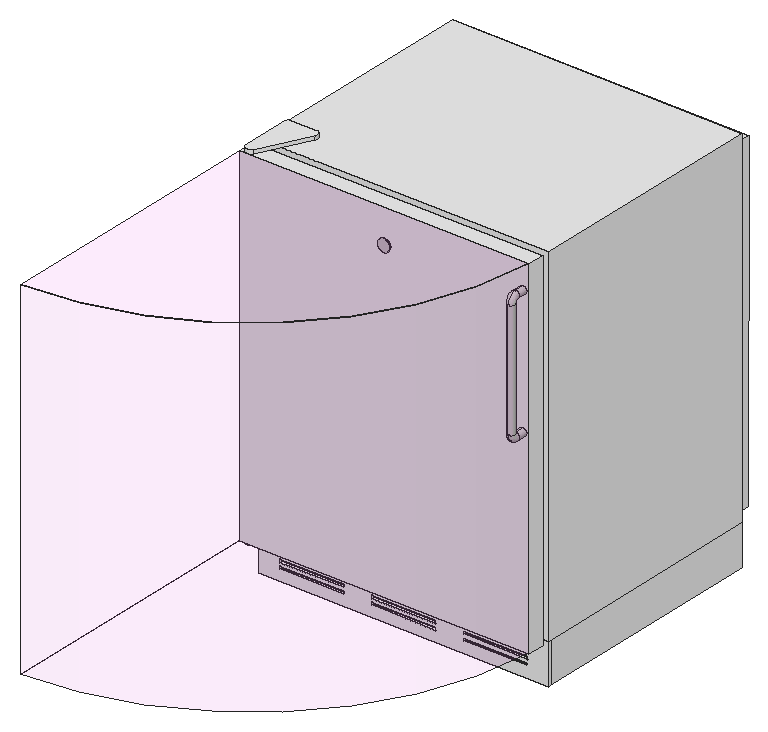
Revit family "QF_Summit_FF6LWADA_Refrigerator", category Specialty Equipment, Revit 2020
Family settings
  Round Connector Dimension = Use Diameter
  Part Type = Normal
  Work Plane-Based = No
  Always vertical = Yes
  Cut with Voids When Loaded = No
  Shared = No
  Room Calculation Point = No
Parameters
  Weight in Pounds = 100
  Watts = Volts * FL Amps  # 103.5 W
  Volts = 115 V
  URL Cutsheet = ""
  Specification by User = ""
  Specification by Manufacturer = ""
  Show LHD [instance] = yes
  Right Hinged Door [instance] = not(Show LHD)  # no
  Serial Number = ""
  Seismic Rating = ""
  SMACNA No = ""
  Revision Code = ""
  Refrigerant Volume = 0.00 kip
  Refrigerant Type = "R600a"
  Phase = 1
  Number of Poles = 1
  NAFEM Spec ID Number = ""
  Model = "FF6LWADA"
  Min Ckt Ampacity = 0 A
  Max Overcurrent Protection = 0 A
  Masterspec = ""
  Manufacturer = "Summit"
  Length = 23 5/8"
  Item Number = ""
  Installed By = ""
  Identify Quantity as Lot = yes
  Height = 32 1/4"
  HP = ""
  Furnished By = ""
  Foodservice Equipment Identifier = yes
  FL Amps = 0.9 A
  Electrical Remarks = ""
  Electric Connection Type = ""
  Elec Conn RI Height = 0"
  Elec Conn Connection Height = 0"
  Description = "Refrigerator"
  Depth = 23"
  Default Elevation = 0"
  Cycle = 60 Hz
  Conn Plug = ""
  Conn Conduit = yes
  CSI MasterFormat = ""
  BTUH = 0.0 Btu/h
  Apparent Power = if(Phase = 3, Volts * FL Amps * 1.73, Volts * FL Amps)  # 103.5 VA
Reference planes (in)
  plane 1 "BACK": y = 0
  plane 2: z = 0
  plane 3 "LEFT": x = 0
  plane 4 "RIGHT": x = 23.625
  plane 5 "FRONT": y = -23
  plane 6 "TOP": z = 32.25
  plane 7 "Center Y": x = 11.8125
  plane 8 "Center X": y = -11.5
  plane 9: z = 32
  plane 10: y = -24.5
  plane 11: y = -45.375
  plane 12: y = -1.25
  plane 13: y = -21
  plane 14: x = 15.625
  plane 15: z = 3.5
  plane 16: z = 0.25
Forms (in)
  Extrusion 1, solid, material "QF_Clearances_Door_Drawer", visible <- "Right Hinged Door"
    sketch origin (-5.77638, -180, 3.5) x (0, -1, 0) y (-1, 0, 0)
      loop
        line (-157, -29.40138) -> (-134.625, -29.40138)
        arc (-134.625, -29.40138) -> (-141.23974, -13.26493) -> (-157, -5.79807) r 24.13488
        line (-157, -5.79807) -> (-157, -29.40138)
    from 0 to -28.5
  Extrusion 2, solid, material "QF_Metallic_Paint_White_Smooth"
    sketch origin (-4.07558, -180, 0.375) x (-1, 0, 0) y (0, -1, 0)
      loop
        line (-4.07558, -178.75) -> (-4.07558, -159) -> (-27.70058, -159) -> (-27.70058, -178.75) -> (-4.07558, -178.75)
    from 3.125 to 31.625
  Extrusion 3, solid, material "QF_Metallic_Paint_White_Smooth"
    sketch origin (-5.77638, -180.25, 3.625) x (-1, 0, 0) y (0, -1, 0)
      loop
        line (-5.77638, -157.25) -> (-29.40138, -157.25) -> (-29.40138, -158.61283) -> (-5.77638, -158.61283) -> (-5.77638, -157.25)
    from -0.125 to 28.375
  Extrusion 4, solid, material "QF_Metallic_Paint_White_Smooth"
    sketch origin (23.625, -21.63717, 3.625) x (-1, 0, 0) y (0, 0, 1)
      loop
        line (0.5, 0.375) -> (23.125, 0.375) -> (23.125, 27.875) -> (0.5, 27.875) -> (0.5, 0.375)
    from 0 to 0.63717
  Extrusion 5, solid, material "QF_Metallic_Paint_White_Smooth", visible <- "Right Hinged Door"
    sketch origin (-5.77638, -180.25, 32) x (-1, 0, 0) y (0, -1, 0)
      loop
        arc (-29.27619, -161.72812) -> (-29.20297, -161.9049) -> (-29.02619, -161.97812) r 0.25
        line (-29.02619, -161.97812) -> (-26.9149, -161.97812)
        arc (-26.9149, -161.97812) -> (-26.55876, -161.77457) -> (-26.55339, -161.36441) r 0.41333
        line (-26.55339, -161.36441) -> (-28.47012, -157.54371)
        arc (-28.47012, -157.54371) -> (-28.95386, -157.33588) -> (-29.27619, -157.75217) r 0.42999
        line (-29.27619, -157.75217) -> (-29.27619, -161.72812)
    from 0 to 0.25
  Extrusion 6, solid, material "QF_Metallic_Paint_White_Smooth", visible <- "Right Hinged Door"
    sketch origin (-5.77638, -180, 3.5) x (0, 1, 0) y (1, 0, 0)
      loop
        line (159, 29.27619) -> (157.50217, 29.27619)
        arc (157.50217, 29.27619) -> (157.08588, 28.95386) -> (157.29371, 28.47012) r 0.42999
        line (157.29371, 28.47012) -> (159, 27.61413) -> (159, 29.27619)
    from 0 to 0.125
  Extrusion 7, solid, material "QF_Metallic_Paint_White_Smooth"
    sketch origin (-12.48311, -21, 48.125) x (-1, 0, 0) y (0, 0, 1)
      loop
        line (-12.48311, -44.625) -> (-36.10811, -44.625) -> (-36.10811, -47.875) -> (-12.48311, -47.875) -> (-12.48311, -44.625)
      loop
        line (-14.18872, -45.26011) -> (-19.43872, -45.26011) -> (-19.43872, -45.51011) -> (-14.18872, -45.51011) -> (-14.18872, -45.26011)
      loop
        line (-14.18872, -45.76011) -> (-19.43872, -45.76011) -> (-19.43872, -46.01011) -> (-14.18872, -46.01011) -> (-14.18872, -45.76011)
      loop
        line (-14.18872, -46.26011) -> (-19.43872, -46.26011) -> (-19.43872, -46.51011) -> (-14.18872, -46.51011) -> (-14.18872, -46.26011)
      loop
        line (-14.18872, -46.76011) -> (-19.43872, -46.76011) -> (-19.43872, -47.01011) -> (-14.18872, -47.01011) -> (-14.18872, -46.76011)
      loop
        line (-21.67061, -45.26011) -> (-26.92061, -45.26011) -> (-26.92061, -45.51011) -> (-21.67061, -45.51011) -> (-21.67061, -45.26011)
      loop
        line (-21.67061, -45.76011) -> (-26.92061, -45.76011) -> (-26.92061, -46.01011) -> (-21.67061, -46.01011) -> (-21.67061, -45.76011)
      loop
        line (-21.67061, -46.26011) -> (-26.92061, -46.26011) -> (-26.92061, -46.51011) -> (-21.67061, -46.51011) -> (-21.67061, -46.26011)
      loop
        line (-21.67061, -46.76011) -> (-26.92061, -46.76011) -> (-26.92061, -47.01011) -> (-21.67061, -47.01011) -> (-21.67061, -46.76011)
      loop
        line (-34.40249, -45.26011) -> (-34.40249, -45.51011) -> (-29.15249, -45.51011) -> (-29.15249, -45.26011) -> (-34.40249, -45.26011)
      loop
        line (-34.40249, -45.76011) -> (-34.40249, -46.01011) -> (-29.15249, -46.01011) -> (-29.15249, -45.76011) -> (-34.40249, -45.76011)
      loop
        line (-34.40249, -46.26011) -> (-34.40249, -46.51011) -> (-29.15249, -46.51011) -> (-29.15249, -46.26011) -> (-34.40249, -46.26011)
      loop
        line (-34.40249, -46.76011) -> (-34.40249, -47.01011) -> (-29.15249, -47.01011) -> (-29.15249, -46.76011) -> (-34.40249, -46.76011)
    from 0 to 0.25
  Extrusion 8, solid, material "QF_Metallic_Paint_White_Smooth"
    sketch origin (-12.48311, -1, 48.125) x (-1, 0, 0) y (0, 0, 1)
      loop
        line (-12.48311, -44.625) -> (-36.10811, -44.625) -> (-36.10811, -47.875) -> (-12.48311, -47.875) -> (-12.48311, -44.625)
    from -19.75 to -0.25
  Extrusion 9, solid, material "QF_Metallic_Paint_White_Smooth"
    sketch origin (0, 0, 0.125) x (1, 0, 0) y (0, 1, 0)
      loop
        circle (3.1104, -19) r 0.5
      loop
        circle (3.1104, -3.25) r 0.5
      loop
        circle (18.67791, -19) r 0.5
      loop
        circle (18.67791, -3.25) r 0.5
    from -0.125 to 0.125
  Extrusion 10, solid, material "QF_Metallic_Paint_White_Smooth"
    sketch origin (-1.83669, -1.25, 0.375) x (1, 0, 0) y (0, 0, -1)
      loop
        circle (17.46169, -0.84684) r 0.25
    from 0 to 0.25
  Extrusion 11, solid, material "QF_Metallic_Paint_White_Smooth"
    sketch origin (0, -0.75, 17.875) x (0, -1, 0) y (1, 0, 0)
      loop
        line (-0.75, 0.5) -> (0.5, 0.5) -> (0.5, 23.125) -> (-0.75, 23.125) -> (-0.75, 0.5)
    from -13.875 to 13.25
  Sweep 12, solid, material "QF_Metal_Stainless_Polished", visible <- "Right Hinged Door"
    path origin (0.5, -0.25, 0.125) x (0, 1, 0) y (0, 0, 1)
      loop
        line (-22.75, 30.125) -> (-23.5, 30.125)
        arc (-23.5, 30.125) -> (-24.03033, 29.90533) -> (-24.25, 29.375) r 0.75
        line (-24.25, 29.375) -> (-24.25, 19.875)
        arc (-24.25, 19.875) -> (-24.03033, 19.34467) -> (-23.5, 19.125) r 0.75
        line (-23.5, 19.125) -> (-22.75, 19.125)
    profile origin (0.5, -23.375, 30.25) x (0, 0, -1) y (1, 0, 0)
      loop
        circle (0.3, 0) r 0.3
  Extrusion 13, solid, material "QF_Metal_Stainless_Polished"
    sketch origin (0, -23, 3.625) x (1, 0, 0) y (0, 0, 1)
      loop
        circle (11.8125, 25.625) r 0.5
    from 0 to 0.0625
  Extrusion 14, solid, material "QF_Clearances_Door_Drawer", visible <- "Show LHD"
    sketch origin (29.40138, -180, 3.5) x (0, 1, 0) y (1, 0, 0)
      loop
        line (157, -29.40138) -> (157, -5.79807)
        arc (157, -5.79807) -> (141.23974, -13.26493) -> (134.625, -29.40138) r 24.13488
        line (134.625, -29.40138) -> (157, -29.40138)
    from 0 to -28.5
  Extrusion 15, solid, material "QF_Metallic_Paint_White_Smooth", visible <- "Show LHD"
    sketch origin (29.40138, -180.25, 32) x (1, 0, 0) y (0, 1, 0)
      loop
        line (-29.27619, 161.72812) -> (-29.27619, 157.75217)
        arc (-29.27619, 157.75217) -> (-28.95386, 157.33588) -> (-28.47012, 157.54371) r 0.42999
        line (-28.47012, 157.54371) -> (-26.55339, 161.36441)
        arc (-26.55339, 161.36441) -> (-26.55876, 161.77457) -> (-26.9149, 161.97812) r 0.41333
        line (-26.9149, 161.97812) -> (-29.02619, 161.97812)
        arc (-29.02619, 161.97812) -> (-29.20297, 161.9049) -> (-29.27619, 161.72812) r 0.25
    from 0 to 0.25
  Extrusion 16, solid, material "QF_Metallic_Paint_White_Smooth", visible <- "Show LHD"
    sketch origin (29.40138, -180, 3.5) x (0, -1, 0) y (-1, 0, 0)
      loop
        line (-159, 29.27619) -> (-159, 27.61413) -> (-157.29371, 28.47012)
        arc (-157.29371, 28.47012) -> (-157.08588, 28.95386) -> (-157.50217, 29.27619) r 0.42999
        line (-157.50217, 29.27619) -> (-159, 29.27619)
    from 0 to 0.125
  Sweep 17, solid, material "QF_Metal_Stainless_Polished", visible <- "Show LHD"
    path origin (23.125, -0.25, 0.125) x (0, 1, 0) y (0, 0, -1)
      loop
        line (-22.75, -30.125) -> (-23.5, -30.125)
        arc (-23.5, -30.125) -> (-24.03033, -29.90533) -> (-24.25, -29.375) r 0.75
        line (-24.25, -29.375) -> (-24.25, -19.875)
        arc (-24.25, -19.875) -> (-24.03033, -19.34467) -> (-23.5, -19.125) r 0.75
        line (-23.5, -19.125) -> (-22.75, -19.125)
    profile origin (23.125, -23.375, 30.25) x (0, 0, 1) y (-1, 0, 0)
      loop
        circle (-0.3, 0) r 0.3
Lines and regions (in)
  symbolic lines
    curve 1: line (23.625, -1.25, 0) -> (0, -1.25, 0)
    curve 2: line (23.125, 0, 0) -> (0.5, 0, 0)
    curve 3: line (0.5, 0, 0) -> (0.5, -1.25, 0)
    curve 4: line (23.125, -1.25, 0) -> (23.125, 0, 0)
    curve 5: line (0, -1.25, 0) -> (0, -21, 0)
    curve 6: line (23.625, -21, 0) -> (23.625, -1.25, 0)
    curve 22: line (23.49982, -21, 0) -> (23.625, -21, 0)
    curve 23: line (22.1574, -21.63717, 0) -> (1.4676, -21.63717, 0)
    curve 38: line (1.78725, -21, 0) -> (21.83775, -21, 0)
    curve 39: line (0.12518, -21.63717, 0) -> (0, -21.63717, 0)
  symbolic lines, style "SpecialityEquipment", visible <- "Right Hinged Door"
    curve 7: line (23.24982, -18.27188, 0) -> (21.13852, -18.27188, 0)
    curve 8: arc (21.13852, -18.27188, 0) -> (20.78238, -18.47543, 0) -> (20.77701, -18.88559, 0) r 0.41333
    curve 9: line (20.77701, -18.88559, 0) -> (22.69374, -22.70629, 0)
    curve 10: arc (22.69374, -22.70629, 0) -> (23.17748, -22.91412, 0) -> (23.49982, -22.49783, 0) r 0.42999
    curve 11: line (23.49982, -22.49783, 0) -> (23.49982, -18.52188, 0)
    curve 12: arc (23.49982, -18.52188, 0) -> (23.42659, -18.3451, 0) -> (23.24982, -18.27188, 0) r 0.25
    curve 17: line (0.5, -21, 0) -> (0.5, -21.63717, 0)
    curve 19: line (0.20004, -24.20003, 0) -> (0.20004, -23, 0)
    curve 20: line (0.79999, -23, 0) -> (0.79999, -24.20003, 0)
    curve 21: arc (0.20004, -24.20003, 0) -> (0.50001, -24.5, 0) -> (0.79999, -24.20003, 0) r 0.29997
  symbolic lines, style "SpecialityEquipment"
    curve 13: line (23.625, -23, 0) -> (23.625, -21.63717, 0)
    curve 14: line (0, -23, 0) -> (23.625, -23, 0)
    curve 15: line (23.625, -21.63717, 0) -> (23.49982, -21.63717, 0)
    curve 16: line (0, -21, 0) -> (0.12518, -21, 0)
    curve 18: line (0, -21.63717, 0) -> (0, -23, 0)
  symbolic lines, style "QF_Clearances_Door_Drawer", visible <- "Right Hinged Door"
    curve 24: line (23.625, -23, 0) -> (3.86412, -34.40895, 0)
    curve 25: arc (3.86412, -34.40895, 0) -> (1.22013, -28.9479, 0) -> (0.02169, -23, 0) r 24.13488
  symbolic lines, style "SpecialityEquipment", visible <- "Show LHD"
    curve 26: line (0.37518, -18.27188, 0) -> (2.48648, -18.27188, 0)
    curve 27: arc (2.48648, -18.27188, 0) -> (2.84262, -18.47543, 0) -> (2.84799, -18.88559, 0) r 0.41333
    curve 28: line (2.84799, -18.88559, 0) -> (0.93126, -22.70629, 0)
    curve 29: arc (0.93126, -22.70629, 0) -> (0.44752, -22.91412, 0) -> (0.12518, -22.49783, 0) r 0.42999
    curve 30: line (0.12518, -22.49783, 0) -> (0.12518, -18.52188, 0)
    curve 31: arc (0.12518, -18.52188, 0) -> (0.19841, -18.3451, 0) -> (0.37518, -18.27188, 0) r 0.25
    curve 32: line (23.42496, -24.20003, 0) -> (23.42496, -23, 0)
    curve 33: line (22.82501, -23, 0) -> (22.82501, -24.20003, 0)
    curve 34: arc (23.42496, -24.20003, 0) -> (23.12499, -24.5, 0) -> (22.82501, -24.20003, 0) r 0.29997
    curve 41: line (23.125, -21, 0) -> (23.125, -21.63717, 0)
  symbolic lines, style "QF_Clearances_Door_Drawer", visible <- "Show LHD"
    curve 35: line (0, -23, 0) -> (19.76088, -34.40895, 0)
    curve 36: arc (19.76088, -34.40895, 0) -> (22.40487, -28.9479, 0) -> (23.60331, -23, 0) r 24.13488
  symbolic lines, visible <- "Right Hinged Door"
    curve 37: line (0.12518, -21, 0) -> (1.78725, -21, 0)
    curve 40: line (1.4676, -21.63717, 0) -> (0.12518, -21.63717, 0)
  symbolic lines, visible <- "Show LHD"
    curve 42: line (23.49982, -21, 0) -> (21.83775, -21, 0)
    curve 43: line (22.1574, -21.63717, 0) -> (23.49982, -21.63717, 0)
Dimensions and locks (in)
  equal spacing: plane 3 "LEFT", plane 7 "Center Y", plane 4 "RIGHT"
  "Length": plane 3 "LEFT" to plane 4 "RIGHT"
  equal spacing: plane 5 "FRONT", plane 8 "Center X", plane 1 "BACK"
  "Depth": plane 5 "FRONT" to plane 1 "BACK"
  "Height": plane 6 "TOP" to level
  plane 4 "RIGHT" to plane 3 "LEFT" = 23 5/8"
  locked: plane 6 "TOP" to plane 9 at 0.25
  locked: plane 10 to plane 5 "FRONT" at 1.5
  plane 1 "BACK" to plane 12 = 1 1/4"
  plane 12 to plane 13 = 19 3/4"
  plane 9 to plane 2 = 32"
  plane 11 to plane 1 "BACK" = 45 3/8"
  plane 15 to plane 16 = 3 1/4"
  plane 16 to plane 2 = 1/4"
  plane 14 to plane 4 "RIGHT" = 8"
  aligned and locked: level to plane 2
Automatic sketch dimensions
  plane 5 "FRONT" to Extrusion 1 sketch curve = 0"
  Extrusion 1 sketch curve to plane 4 "RIGHT" = 0"
  Extrusion 1 sketch curve to plane 11 = 0"
  Extrusion 1 sketch curve to plane 13 = 0.24465"
  plane 3 "LEFT" to Extrusion 1 sketch curve = 0.02169"
  Extrusion 2 sketch curve to plane 4 "RIGHT" = 0"
  Extrusion 2 sketch curve to plane 3 "LEFT" = 0"
  Extrusion 2 sketch curve to plane 12 = 0"
  Extrusion 2 sketch curve to plane 13 = 0"
  Extrusion 3 sketch curve to plane 4 "RIGHT" = 0"
  Extrusion 3 sketch curve to plane 3 "LEFT" = 0"
  plane 5 "FRONT" to Extrusion 3 sketch curve = 0"
  Extrusion 3 sketch curve to plane 13 = 0.63717"
  Extrusion 3 to Extrusion 4 sketch curve = 1/2"  (x3)
  Extrusion 4 sketch curve to Extrusion 3 = 1/2"
  Extrusion 5 sketch curve to Extrusion 3 = 0.12518"
  Extrusion 5 sketch curve to Extrusion 5 sketch curve = 1/4"
  Extrusion 5 sketch curve to Extrusion 5 sketch curve = 0.42999"
  Extrusion 5 sketch curve to Extrusion 3 = 0.29371"
  Extrusion 5 sketch curve to Extrusion 5 sketch curve = 0.37608"
  Extrusion 5 sketch curve to Extrusion 5 sketch curve = 2.1113"
  Extrusion 5 sketch curve to Extrusion 5 sketch curve = 0.36151"
  Extrusion 3 to Extrusion 5 sketch curve = 2.75158"
  Extrusion 5 sketch curve to Extrusion 5 sketch curve = 0.20039"
  Extrusion 6 sketch curve to plane 13 = 0"
  Extrusion 6 sketch curve to plane 5 "FRONT" = 0.50217"
  Extrusion 6 sketch curve to plane 5 "FRONT" = 0.29371"
  plane 4 "RIGHT" to Extrusion 6 sketch curve = 0.12518"
  Extrusion 6 sketch curve to Extrusion 6 sketch curve = 0.42999"
  Extrusion 6 sketch curve to Extrusion 6 sketch curve = 1.66207"
  plane 4 "RIGHT" to Extrusion 7 sketch curve = 0"
  Extrusion 7 sketch curve to plane 3 "LEFT" = 0"
  Extrusion 7 sketch curve to plane 16 = 0"
  Extrusion 7 sketch curve to plane 15 = 0"
  plane 4 "RIGHT" to Extrusion 7 sketch curve = 1.70562"
  Extrusion 7 sketch curve to Extrusion 7 sketch curve = 0"  (x18)
  Extrusion 7 sketch curve to plane 14 = 1.04438"
  plane 14 to Extrusion 7 sketch curve = 1 3/16"
  Extrusion 7 sketch curve to plane 15 = 1.13511"
  Extrusion 7 sketch curve to plane 7 "Center Y" = 2 5/8"
  plane 16 to Extrusion 7 sketch curve = 1.11489"
  Extrusion 7 sketch curve to Extrusion 7 sketch curve = 2.23188"
  plane 3 "LEFT" to Extrusion 7 sketch curve = 1.70562"
  plane 16 to Extrusion 7 sketch curve = 0.86489"  (x2)
  Extrusion 7 sketch curve to Extrusion 7 sketch curve = 1/4"  (x20)
  plane 4 "RIGHT" to Extrusion 8 sketch curve = 0"
  Extrusion 8 sketch curve to plane 3 "LEFT" = 0"
  Extrusion 8 sketch curve to plane 16 = 0"
  Extrusion 8 sketch curve to plane 15 = 0"
  plane 3 "LEFT" to Extrusion 9 sketch curve = 3.1104"  (x2)
  Extrusion 9 sketch curve to plane 14 = 3.05291"  (x2)
  plane 13 to Extrusion 9 sketch curve = 2"  (x2)
  Extrusion 9 sketch curve to plane 12 = 2"  (x2)
  Extrusion 10 sketch curve to Extrusion 2 = 2.27816"
  Extrusion 10 sketch curve to Extrusion 2 = 8"
  plane 1 "BACK" to Extrusion 11 sketch curve = 0"
  Extrusion 11 sketch curve to plane 12 = 0"
  plane 3 "LEFT" to Extrusion 11 sketch curve = 1/2"
  plane 4 "RIGHT" to Extrusion 11 sketch curve = 1/2"
  Sweep 12 sketch curve to plane 10 = 0"
  Sweep 12 sketch curve to plane 5 "FRONT" = 0"  (x2)
  plane 5 "FRONT" to Sweep 12 sketch curve = 3/4"  (x2)
  Sweep 12 sketch curve to plane 9 = 12 3/4"
  Sweep 12 sketch curve to plane 9 = 2 1/2"
  Sweep 12 sketch curve to profile plane = 0"
  Sweep 12 sketch curve to profile plane = 0.3"
  Extrusion 3 to Extrusion 13 sketch curve = 2 3/4"
  Extrusion 3 to Extrusion 13 sketch curve = 11 13/16"
  Extrusion 14 sketch curve to plane 3 "LEFT" = 0"
  Extrusion 14 sketch curve to plane 11 = 0"
  plane 5 "FRONT" to Extrusion 14 sketch curve = 0"
  Extrusion 14 sketch curve to plane 13 = 0.24465"
  plane 4 "RIGHT" to Extrusion 14 sketch curve = 0.02169"
  Extrusion 15 sketch curve to Extrusion 3 = 0.12518"
  Extrusion 15 sketch curve to Extrusion 15 sketch curve = 1/4"
  Extrusion 15 sketch curve to Extrusion 15 sketch curve = 0.42999"
  Extrusion 15 sketch curve to Extrusion 3 = 0.29371"
  Extrusion 15 sketch curve to Extrusion 15 sketch curve = 0.37608"
  Extrusion 15 sketch curve to Extrusion 15 sketch curve = 2.1113"
  Extrusion 15 sketch curve to Extrusion 15 sketch curve = 0.36151"
  Extrusion 3 to Extrusion 15 sketch curve = 2.75158"
  Extrusion 15 sketch curve to Extrusion 15 sketch curve = 0.20039"
  Extrusion 16 sketch curve to plane 13 = 0"
  plane 3 "LEFT" to Extrusion 16 sketch curve = 0.12518"
  Extrusion 16 sketch curve to plane 5 "FRONT" = 0.50217"
  Extrusion 16 sketch curve to plane 5 "FRONT" = 0.29371"
  Extrusion 16 sketch curve to Extrusion 16 sketch curve = 0.42999"
  Extrusion 16 sketch curve to Extrusion 16 sketch curve = 1.66207"
  Sweep 17 sketch curve to plane 10 = 0"
  Sweep 17 sketch curve to plane 5 "FRONT" = 0"  (x2)
  plane 5 "FRONT" to Sweep 17 sketch curve = 3/4"  (x2)
  Sweep 17 sketch curve to plane 9 = 1 3/4"
  Sweep 17 sketch curve to Sweep 17 sketch curve = 9 1/2"
  profile plane to Sweep 17 sketch curve = 0"
  profile plane to Sweep 17 sketch curve = 0.3"
  curve 14 to plane 3 "LEFT" = 0"
  curve 16 to plane 3 "LEFT" = 0"
  plane 5 "FRONT" to curve 25 = 0"
  curve 37 to plane 13 = 0"
  curve 16 to plane 13 = 0"
  plane 1 "BACK" to curve 2 = 0"
  curve 3 to plane 12 = 0"
  curve 38 to plane 13 = 0"
  curve 42 to plane 13 = 0"
  curve 22 to plane 13 = 0"
  curve 6 to plane 4 "RIGHT" = 0"
  curve 24 to plane 4 "RIGHT" = 0"
  curve 36 to plane 3 "LEFT" = 0.46765"
  plane 3 "LEFT" to curve 30 = 0.12518"
  plane 3 "LEFT" to curve 19 = 0.20004"
  curve 30 to curve 31 = 1/4"
  plane 3 "LEFT" to curve 2 = 1/2"
  curve 19 to curve 21 = 0.29997"
  curve 29 to curve 29 = 0.42999"
  curve 28 to plane 5 "FRONT" = 0.29371"
  curve 20 to curve 28 = 0.13127"
  curve 23 to plane 13 = 0.63717"
  curve 28 to curve 23 = 0.53634"
  curve 31 to curve 27 = 2.1113"
  plane 13 to curve 28 = 2.11441"
  plane 3 "LEFT" to curve 24 = 3.86412"
  plane 4 "RIGHT" to curve 35 = 3.86412"
  plane 4 "RIGHT" to curve 9 = 2.84799"
  curve 9 to curve 8 = 0.36151"
  curve 9 to plane 5 "FRONT" = 0.29371"
  plane 4 "RIGHT" to curve 9 = 0.93126"
  plane 4 "RIGHT" to curve 33 = 0.79999"
  curve 9 to curve 10 = 0.37608"
  curve 34 to curve 34 = 0.29997"
  plane 4 "RIGHT" to curve 4 = 1/2"
  plane 4 "RIGHT" to curve 12 = 0.37518"
  plane 4 "RIGHT" to curve 11 = 0.12518"
  curve 25 to plane 4 "RIGHT" = 0.46765"
  plane 10 to curve 19 = 0.29997"
  plane 10 to curve 34 = 0.29997"
  curve 35 to plane 10 = 9.90895"
  curve 24 to plane 10 = 9.90895"
  curve 18 to curve 5 = 0.63717"
  curve 15 to plane 13 = 0.63717"
  curve 25 to plane 13 = 0.24465"
  curve 36 to plane 13 = 0.24465"
  plane 13 to curve 9 = 2.11441"
  curve 9 to curve 8 = 0.20039"
  curve 28 to curve 27 = 0.20039"
  curve 16 to curve 17 = 0.37482"
  curve 40 to curve 23 = 0"
  curve 43 to curve 23 = 0"
  curve 41 to curve 43 = 0.37482"
  radius of Extrusion 9 sketch curve = 1/2"  (x4)
  radius of Extrusion 10 sketch curve = 1/4"
  radius of Sweep 12 sketch curve = 0.3"
  radius of Extrusion 13 sketch curve = 1/2"
  radius of Sweep 17 sketch curve = 0.3"
Connectors (in)
  electrical at (15.625, -1, 1.22184), driven by "Volts", driven by "Watts"
    settings: on Extrusion 10, index 2, voltage 115 V, apparent load 103.5 VA, apparent load phase1 0 VA, apparent load phase2 0 VA, apparent load phase3 0 VA, power factor 1, load classification "Other", number of poles 1, system type 30, power factor state 1, is connector primary yes, connector utility no, sub classification motor no, connector description ""
